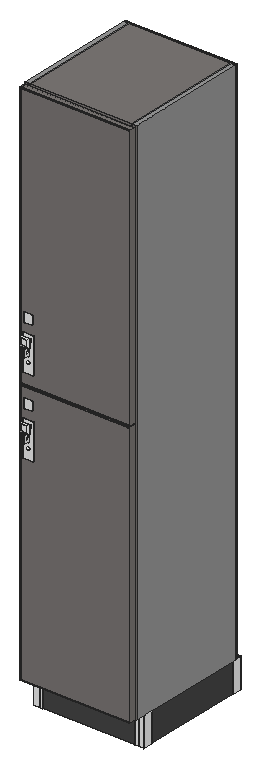
Revit family "Wood_Lockers_Hasps-Salsbury_Industries-15_42000_Series-1_Wide_Units.rfa", category Specialty Equipment, Revit 2016 (continued)
Definition of nested family "Premier Locker Doors_Hasp"
  Dimensions and locks (in)
    aligned and locked: Extrusion 15 to plane 7 "Front of Door"
    aligned and locked: Extrusion 15 to plane 22 "Front of Hasp Stud"
    aligned and locked: Extrusion 15 to plane 50 "Stud Alignment"
    aligned and locked: Blend 17 to plane 39 "Front of Knob"
    aligned and locked: plane 38 "Inner Knob" to Blend 17
    aligned and locked: plane 6 "Back of Door" to Extrusion 18 sketch curve
    aligned and locked: plane 56 "Front of Latch" to Extrusion 18 sketch curve
    aligned and locked: Extrusion 18 to plane 57
    aligned and locked: plane 58 to Extrusion 18
    aligned and locked: plane 59 to cut or joined group of Extrusion 18, Extrusion 19
    aligned and locked: Extrusion 13 sketch curve to plane 61  (x2)
    aligned and locked: Extrusion 13 sketch curve to plane 62  (x2)
  Automatic sketch dimensions
    Extrusion 1 sketch curve to plane 4 "Left Side of Door" = 0.031"
    plane 5 "Right Side of Door" to Extrusion 1 sketch curve = 0.031"
    level to Extrusion 1 sketch curve = 0.031"
    plane 9 "Top of Door" to Extrusion 1 sketch curve = 0.031"
    Extrusion 2 sketch curve to plane 4 "Left Side of Door" = 0.031"
    plane 5 "Right Side of Door" to Extrusion 2 sketch curve = 0.031"
    level to Extrusion 2 sketch curve = 0.031"
    plane 9 "Top of Door" to Extrusion 2 sketch curve = 0.031"
    Extrusion 3 sketch curve to plane 4 "Left Side of Door" = 0.031"
    plane 5 "Right Side of Door" to Extrusion 3 sketch curve = 0.031"
    level to Extrusion 3 sketch curve = 0.031"
    plane 9 "Top of Door" to Extrusion 3 sketch curve = 0.031"
    plane 23 "Left Side of Door-Right Side of Trim" to Sweep 4 sketch curve = 0.000"
    plane 24 "Right Side of Door-Left Side of Trim" to Sweep 4 sketch curve = 0.000"  (x2)
    Sweep 4 sketch curve to plane 26 "Bottom of Door-Top of Trim" = 0.000"
    Sweep 4 sketch curve to plane 25 "Top of Door-Bottom of Trim" = 0.000"
    profile plane to Sweep 4 sketch curve = 0.125"
    Sweep 4 sketch curve to Sweep 4 sketch curve = 0.031"
    Sweep 4 sketch curve to plane 1 "Center (Front/Back)" = 0.375"
    plane 1 "Center (Front/Back)" to Sweep 4 sketch curve = 0.375"
    Extrusion 7 sketch curve to plane 33 = 0.000"
    Extrusion 7 sketch curve to plane 34 = 0.000"
    plane 36 to Extrusion 8 sketch curve = 0.000"
    Extrusion 8 sketch curve to Extrusion 8 sketch curve = 0.500"
    plane 35 "Top Hinge" to Extrusion 8 sketch curve = 0.250"
    Extrusion 8 sketch curve to plane 35 "Top Hinge" = 0.250"
    plane 36 to Extrusion 9 sketch curve = 0.000"
    Extrusion 9 sketch curve to Extrusion 9 sketch curve = 0.500"
    plane 37 "Bottom Hinge" to Extrusion 9 sketch curve = 0.250"
    Extrusion 9 sketch curve to plane 37 "Bottom Hinge" = 0.250"
    plane 36 to Extrusion 10 sketch curve = 0.000"
    Extrusion 10 sketch curve to Extrusion 10 sketch curve = 0.500"
    curve 4 to level = 0.000"
    plane 4 "Left Side of Door" to curve 4 = 0.000"
    plane 5 "Right Side of Door" to curve 3 = 0.000"
    curve 3 to plane 9 "Top of Door" = 0.000"
    Extrusion 5 sketch curve to plane 13 "Left Side of Number Tag" = 0.000"
    Extrusion 5 sketch curve to plane 12 "Bottom of Number Tag" = 0.000"
    Extrusion 5 sketch curve to plane 11 "Top of Number Tag" = 0.000"
    Extrusion 5 sketch curve to plane 14 "Right Side of Number Tag" = 0.000"
    Extrusion 6 sketch curve to plane 13 "Left Side of Number Tag" = 0.000"
    Extrusion 6 sketch curve to plane 12 "Bottom of Number Tag" = 0.000"
    Extrusion 6 sketch curve to plane 11 "Top of Number Tag" = 0.000"
    Extrusion 6 sketch curve to plane 14 "Right Side of Number Tag" = 0.000"
    Extrusion 11 sketch curve to plane 13 "Left Side of Number Tag" = 0.125"
    Extrusion 10 sketch curve to plane 10 "Center of Door" = 0.250"
    plane 10 "Center of Door" to Extrusion 10 sketch curve = 0.250"
    Extrusion 11 sketch curve to plane 21 "Bottom of Lock" = 0.125"
    plane 13 "Left Side of Number Tag" to Extrusion 5 sketch curve = 0.14916"
    Extrusion 5 sketch curve to Extrusion 5 sketch curve = 0.14916"  (x2)
    plane 13 "Left Side of Number Tag" to Extrusion 6 sketch curve = 0.14916"
    Extrusion 6 sketch curve to plane 12 "Bottom of Number Tag" = 0.14916"
    plane 13 "Left Side of Number Tag" to Extrusion 11 sketch curve = 0.000"  (x2)
    Extrusion 5 sketch curve to plane 12 "Bottom of Number Tag" = 0.14916"
    Extrusion 6 sketch curve to plane 14 "Right Side of Number Tag" = 0.14916"  (x2)
    plane 14 "Right Side of Number Tag" to Extrusion 11 sketch curve = 0.000"  (x2)
    Extrusion 12 sketch curve to plane 17 "Left Side of Lock" = 0.000"
    plane 13 "Left Side of Number Tag" to Extrusion 12 sketch curve = 0.000"  (x2)
    plane 14 "Right Side of Number Tag" to Extrusion 12 sketch curve = 0.000"  (x2)
    Extrusion 12 sketch curve to plane 20 "Top of Lock" = 0.000"
    Extrusion 12 sketch curve to plane 18 "Right Side of Lock" = 0.000"
    Extrusion 12 sketch curve to plane 21 "Bottom of Lock" = 0.125"
    plane 15 "Horizontal Center of Number Tag" to Sweep 14 sketch curve = 0.000"
    Sweep 14 sketch curve to plane 50 "Stud Alignment" = 0.000"
    Sweep 14 sketch curve to plane 7 "Front of Door" = 0.000"
    Sweep 14 sketch curve to profile plane = 0.000"
    profile plane to Sweep 14 sketch curve = 0.00168"
    profile plane to Sweep 14 sketch curve = 0.156"
    Sweep 14 sketch curve to plane 7 "Front of Door" = 0.03275"
    Extrusion 15 sketch curve to Extrusion 15 sketch curve = 0.000"  (x2)
    Extrusion 15 sketch curve to plane 50 "Stud Alignment" = 0.000"
    plane 15 "Horizontal Center of Number Tag" to Extrusion 15 sketch curve = 0.000"
    plane 15 "Horizontal Center of Number Tag" to Extrusion 15 sketch curve = 0.010"
    plane 13 "Left Side of Number Tag" to Sweep 16 sketch curve = 0.000"
    plane 14 "Right Side of Number Tag" to Sweep 16 sketch curve = 0.000"
    Sweep 16 sketch curve to plane 45 = 0.000"
    Sweep 16 sketch curve to plane 42 = 0.000"
    Sweep 16 sketch curve to plane 7 "Front of Door" = 0.000"
    profile plane to Sweep 16 sketch curve = 0.000"
    profile plane to Sweep 16 sketch curve = 0.22043"
    Sweep 16 sketch curve to Sweep 16 sketch curve = 0.01681"
    profile plane to Sweep 16 sketch curve = 0.33926"
    Sweep 16 sketch curve to Sweep 16 sketch curve = 0.14344"
    Sweep 16 sketch curve to Sweep 16 sketch curve = 0.15329"
    Sweep 16 sketch curve to Sweep 16 sketch curve = 0.59563"
    Sweep 16 sketch curve to Sweep 16 sketch curve = 0.24142"
    Sweep 16 sketch curve to Sweep 16 sketch curve = 0.00858"
    Sweep 16 sketch curve to Sweep 16 sketch curve = 0.51788"
    Sweep 16 sketch curve to Sweep 16 sketch curve = 0.31119"
    Sweep 16 sketch curve to Sweep 16 sketch curve = 0.11721"
    Sweep 16 sketch curve to Sweep 16 sketch curve = 0.01742"
    Sweep 16 sketch curve to Sweep 16 sketch curve = 0.06553"
    Sweep 16 sketch curve to Sweep 16 sketch curve = 0.000"
    Blend 17 sketch curve to plane 54 = 0.000"
    Blend 17 sketch curve to plane 55 = 0.000"
    Blend 17 sketch curve to plane 47 = 0.21496"
    plane 48 to Blend 17 sketch curve = 0.21496"
    plane 54 to Blend 17 sketch curve = 0.03267"
    Blend 17 sketch curve to plane 40 = 0.00461"
    Blend 17 sketch curve to plane 47 = 0.18235"
    plane 48 to Blend 17 sketch curve = 0.18227"
    Extrusion 18 sketch curve to plane 57 = 0.000"
    Extrusion 18 sketch curve to plane 58 = 0.000"
    plane 59 to Extrusion 19 sketch curve = 0.000"
    Extrusion 19 sketch curve to plane 22 "Front of Hasp Stud" = 0.16637"
    curve 29 to plane 14 "Right Side of Number Tag" = 0.000"
    curve 29 to plane 20 "Top of Lock" = 0.000"
    curve 30 to plane 18 "Right Side of Lock" = 0.000"
    curve 29 to plane 13 "Left Side of Number Tag" = 0.000"
    curve 31 to plane 42 = 0.000"
    curve 32 to plane 21 "Bottom of Lock" = 0.125"
    curve 34 to plane 14 "Right Side of Number Tag" = 0.000"
    curve 35 to plane 13 "Left Side of Number Tag" = 0.000"
    plane 15 "Horizontal Center of Number Tag" to curve 37 = 0.000"
    plane 47 to curve 37 = 0.000"
    plane 57 to curve 37 = 0.0599"
    curve 39 to plane 58 = 0.0661"
    curve 42 to plane 14 "Right Side of Number Tag" = 0.000"
    curve 41 to plane 13 "Left Side of Number Tag" = 0.000"
    curve 41 to plane 45 = 0.000"
    curve 43 to plane 42 = 0.000"
    curve 46 to plane 57 = 0.000"
    curve 46 to plane 15 "Horizontal Center of Number Tag" = 0.063"
    plane 15 "Horizontal Center of Number Tag" to curve 45 = 0.063"
    curve 47 to plane 58 = 0.000"
    curve 15 to plane 6 "Back of Door" = 0.000"
    plane 9 "Top of Door" to curve 15 = 0.000"
    plane 57 to curve 49 = 0.000"
    curve 51 to plane 56 "Front of Latch" = 0.000"
    plane 58 to curve 51 = 0.000"
    curve 17 to level = 0.000"
    plane 59 to curve 52 = 0.000"
    curve 53 to plane 22 "Front of Hasp Stud" = 0.16637"
    plane 7 "Front of Door" to curve 53 = 0.04137"
    plane 53 to curve 54 = 0.05633"
    curve 54 to plane 22 "Front of Hasp Stud" = 0.11642"
    plane 55 to curve 55 = 0.00161"
    curve 55 to plane 40 = 0.00465"
    plane 45 to curve 56 = 0.000"
    curve 56 to plane 39 "Front of Knob" = 0.01788"
    curve 56 to plane 40 = 0.08926"
    plane 55 to curve 57 = 0.000"
    curve 57 to plane 40 = 0.03757"
    plane 39 "Front of Knob" to curve 57 = 0.004"
    plane 42 to curve 60 = 0.000"
    curve 58 to plane 39 "Front of Knob" = 0.000"
    plane 54 to curve 58 = 0.000"
    plane 54 to curve 59 = 0.000"
    plane 55 to curve 58 = 0.000"
    curve 60 to plane 39 "Front of Knob" = 0.01788"
    curve 60 to plane 52 = 0.09774"
    plane 54 to curve 60 = 0.03261"
    plane 56 "Front of Latch" to curve 59 = 0.02711"
    plane 54 to curve 59 = 0.06553"
    plane 39 "Front of Knob" to curve 59 = 0.004"
    curve 61 to plane 54 = 0.00161"
    curve 61 to plane 22 "Front of Hasp Stud" = 0.11642"
    plane 6 "Back of Door" to curve 9 = 0.000"
    curve 6 to plane 4 "Left Side of Door" = 0.000"
    plane 7 "Front of Door" to curve 6 = 0.000"
    plane 7 "Front of Door" to curve 28 = 0.000"
    curve 67 to plane 14 "Right Side of Number Tag" = 0.000"
    curve 65 to plane 13 "Left Side of Number Tag" = 0.000"
    curve 66 to plane 39 "Front of Knob" = 0.000"
    curve 28 to plane 17 "Left Side of Lock" = 0.000"
    curve 28 to plane 18 "Right Side of Lock" = 0.000"
    curve 8 to plane 5 "Right Side of Door" = 0.000"
    curve 64 to plane 22 "Front of Hasp Stud" = 0.11642"
    curve 69 to plane 22 "Front of Hasp Stud" = 0.11642"
    curve 68 to plane 39 "Front of Knob" = 0.01788"
    curve 65 to plane 39 "Front of Knob" = 0.01788"
    curve 14 to plane 23 "Left Side of Door-Right Side of Trim" = 0.07537"
    plane 48 to curve 64 = 0.21657"
    plane 48 to curve 65 = 0.09774"
    plane 48 to curve 63 = 0.05633"
    curve 70 to plane 47 = 0.05633"
    curve 68 to plane 47 = 0.09774"
    curve 69 to curve 69 = 0.16024"
    curve 64 to curve 65 = 0.15655"
    curve 69 to curve 68 = 0.15655"
    plane 39 "Front of Knob" to curve 67 = 0.004"
    plane 33 to curve 14 = 0.250"
    curve 66 to curve 65 = 0.11721"
    curve 67 to plane 47 = 0.14943"
    curve 68 to curve 66 = 0.11721"
    curve 67 to curve 66 = 0.000"
    plane 39 "Front of Knob" to curve 71 = 0.004"
    curve 71 to curve 66 = 0.000"
    plane 48 to curve 71 = 0.14943"
    plane 1 "Center (Front/Back)" to curve 73 = 0.000"
    curve 73 to plane 4 "Left Side of Door" = 0.000"
    curve 73 to plane 60 = 0.000"
    plane 48 to Extrusion 13 sketch curve = 0.000"
    plane 15 "Horizontal Center of Number Tag" to Extrusion 13 sketch curve = 0.000"
    radius of Extrusion 7 sketch curve = 0.250"
    radius of Sweep 14 sketch curve = 0.010"
    radius of Extrusion 19 sketch curve = 0.250"
Definition of nested family "Wood Locker Bases"
  Parameters (values of type "Base - 12" W x 15" D Lockers")
    Width = 12.000"
    Visible Base = yes
    Visible = no
    Model = "Base - 12\" W x 15\" D Lockers"
    Manufacturer = "Salsbury Industries"
    Height = 4.000"
    Depth = 13.250"
    Base Secondary Material = none
    Base Primary Materials = none
    Base Hardware = none
  Types (14): name | Width | Visible Base | Visible | Model | Depth
    (no name) | 12.000" | yes | no | "Base - 12\" W x 15\" D Lockers" | 13.250"
    Base - 12" W x 15" D Lockers | 12.000" | yes | no | "Base - 12\" W x 15\" D Lockers" | 13.250"
    Base - 12" W x 18" D Lockers | 12.000" | yes | no | "Base - 12\" W x 18\" D Lockers" | 16.250"
    Base - 12" W x 21" D Lockers | 12.000" | yes | no | "Base - 12\" W x 21\" D Lockers" | 19.250"
    Base - 36" W x 15" D Lockers | 36.000" | yes | yes | "Base - 36\" W x 15\" D Lockers" | 13.250"
    Base - 36" W x 18" D Lockers | 36.000" | yes | yes | "Base - 36\" W x 18\" D Lockers" | 16.250"
    Base - 36" W x 21" D Lockers | 36.000" | yes | yes | "Base - 36\" W x 21\" D Lockers" | 19.250"
    Base - 15" W x 18" D Lockers | 15.000" | yes | no | "Base - 15\" W x 18\" D Lockers" | 16.250"
    Base - 15" W x 21" D Lockers | 15.000" | yes | no | "Base - 15\" W x 21\" D Lockers" | 19.250"
    Base - 15" W x 24" D Lockers | 15.000" | yes | no | "Base - 15\" W x 24\" D Lockers" | 22.250"
    Base - 45" W x 18" D Lockers | 45.000" | yes | yes | "Base - 45\" W x 18\" D Lockers" | 16.250"
    Base - 45" W x 21" D Lockers | 45.000" | yes | yes | "Base - 45\" W x 21\" D Lockers" | 19.250"
    Base - 45" W x 24" D Lockers | 45.000" | yes | yes | "Base - 45\" W x 24\" D Lockers" | 22.250"
    None | 12.000" | no | no | "Base - 12\" W x 15\" D Lockers" | 13.250"
  Reference planes (in)
    plane 1 "Center (Front/Back)": y = 0
    plane 2: z = 0
    plane 3 "Center (Left/Right)": x = 0
    plane 4 "Left Edge": x = -6
    plane 5 "Right Edge": x = 6
    plane 6 "Back Edge": y = 6.625
    plane 7 "Front Edge": y = -6.625
    plane 8 "Bottom Edge": z = 0
    plane 9 "Top Edge": z = 4
    plane 10: x = -4.75
    plane 11: x = -4.102
    plane 12: y = 6.562
    plane 13: y = 5.8
    plane 14: x = -5.131
    plane 15: x = -5.256
    plane 16: x = -5.937
    plane 17: x = -5.175
    plane 18: y = 4.727
    plane 19: y = 5.375
    plane 20: y = 5.756
    plane 21: y = 5.881
    plane 22: x = -5.931
    plane 23: x = 5.931
    plane 24: y = 6.556
    plane 25: y = -6.556
    plane 26: y = 6.525
    plane 27: y = -6.525
    plane 28: x = -5.9
    plane 29: x = 5.9
    plane 30: x = -2.375
    plane 31: x = 2.375
  Forms (in)
    Extrusion 1, solid, material <- "Base Hardware", visible <- "Visible Base"
      sketch origin (0, 0, 0) x (1, 0, 0) y (0, 1, 0)
        loop
          arc (-5.96712, 6.625) -> (-5.99098, 6.61598) -> (-6, 6.59212) r 0.031
          line (-6, 6.59212) -> (-6, 5.4065)
          arc (-6, 5.4065) -> (-5.9685, 5.375) -> (-5.937, 5.4065) r 0.0315
          line (-5.937, 5.4065) -> (-5.937, 5.756) -> (-5.837, 5.756) -> (-5.837, 5.819) -> (-5.937, 5.819) -> (-5.937, 6.51465) -> (-5.256, 5.83365) -> (-5.256, 5.756) -> (-5.175, 5.756) -> (-5.175, 4.75833)
          arc (-5.175, 4.75833) -> (-5.14367, 4.727) -> (-5.11235, 4.75833) r 0.03133
          line (-5.11235, 4.75833) -> (-5.11235, 5.73703) -> (-4.13348, 5.73703)
          arc (-4.13348, 5.73703) -> (-4.102, 5.76852) -> (-4.13348, 5.8) r 0.03148
          line (-4.13348, 5.8) -> (-5.131, 5.8) -> (-5.131, 5.881) -> (-5.21422, 5.881) -> (-5.89522, 6.562) -> (-5.194, 6.562) -> (-5.194, 6.462) -> (-5.131, 6.462) -> (-5.131, 6.562) -> (-4.7814, 6.562)
          arc (-4.7814, 6.562) -> (-4.7499, 6.5935) -> (-4.7814, 6.625) r 0.0315
          line (-4.7814, 6.625) -> (-5.96712, 6.625)
      from 0 to 4
    Extrusion 2, solid, material <- "Base Hardware", visible <- "Visible Base"
      sketch origin (0, 0, 0) x (-1, 0, 0) y (0, -1, 0)
        loop
          line (-5.96712, -6.625) -> (-4.7814, -6.625)
          arc (-4.7814, -6.625) -> (-4.7499, -6.5935) -> (-4.7814, -6.562) r 0.0315
          line (-4.7814, -6.562) -> (-5.131, -6.562) -> (-5.131, -6.462) -> (-5.194, -6.462) -> (-5.194, -6.562) -> (-5.89522, -6.562) -> (-5.21422, -5.881) -> (-5.131, -5.881) -> (-5.131, -5.8) -> (-4.13348, -5.8)
          arc (-4.13348, -5.8) -> (-4.102, -5.76852) -> (-4.13348, -5.73703) r 0.03148
          line (-4.13348, -5.73703) -> (-5.11235, -5.73703) -> (-5.11235, -4.75833)
          arc (-5.11235, -4.75833) -> (-5.14367, -4.727) -> (-5.175, -4.75833) r 0.03133
          line (-5.175, -4.75833) -> (-5.175, -5.756) -> (-5.256, -5.756) -> (-5.256, -5.83365) -> (-5.937, -6.51465) -> (-5.937, -5.819) -> (-5.837, -5.819) -> (-5.837, -5.756) -> (-5.937, -5.756) -> (-5.937, -5.4065)
          arc (-5.937, -5.4065) -> (-5.9685, -5.375) -> (-6, -5.4065) r 0.0315
          line (-6, -5.4065) -> (-6, -6.59212)
          arc (-6, -6.59212) -> (-5.99098, -6.61598) -> (-5.96712, -6.625) r 0.031
      from 0 to 4
    Extrusion 3, solid, material <- "Base Hardware", visible <- "Visible Base"
      sketch origin (0, 0, 0) x (1, 0, 0) y (0, 1, 0)
        loop
          line (-5.96712, -6.625) -> (-4.7814, -6.625)
          arc (-4.7814, -6.625) -> (-4.7499, -6.5935) -> (-4.7814, -6.562) r 0.0315
          line (-4.7814, -6.562) -> (-5.131, -6.562) -> (-5.131, -6.462) -> (-5.194, -6.462) -> (-5.194, -6.562) -> (-5.89522, -6.562) -> (-5.21422, -5.881) -> (-5.131, -5.881) -> (-5.131, -5.8) -> (-4.13348, -5.8)
          arc (-4.13348, -5.8) -> (-4.102, -5.76852) -> (-4.13348, -5.73703) r 0.03148
          line (-4.13348, -5.73703) -> (-5.11235, -5.73703) -> (-5.11235, -4.75833)
          arc (-5.11235, -4.75833) -> (-5.14367, -4.727) -> (-5.175, -4.75833) r 0.03133
          line (-5.175, -4.75833) -> (-5.175, -5.756) -> (-5.256, -5.756) -> (-5.256, -5.83365) -> (-5.937, -6.51465) -> (-5.937, -5.819) -> (-5.837, -5.819) -> (-5.837, -5.756) -> (-5.937, -5.756) -> (-5.937, -5.4065)
          arc (-5.937, -5.4065) -> (-5.9685, -5.375) -> (-6, -5.4065) r 0.0315
          line (-6, -5.4065) -> (-6, -6.59212)
          arc (-6, -6.59212) -> (-5.99098, -6.61598) -> (-5.96712, -6.625) r 0.031
      from 0 to 4
    Extrusion 4, solid, material <- "Base Hardware", visible <- "Visible Base"
      sketch origin (0, 0, 0) x (-1, 0, 0) y (0, -1, 0)
        loop
          arc (-5.96712, 6.625) -> (-5.99098, 6.61598) -> (-6, 6.59212) r 0.031
          line (-6, 6.59212) -> (-6, 5.4065)
          arc (-6, 5.4065) -> (-5.9685, 5.375) -> (-5.937, 5.4065) r 0.0315
          line (-5.937, 5.4065) -> (-5.937, 5.756) -> (-5.837, 5.756) -> (-5.837, 5.819) -> (-5.937, 5.819) -> (-5.937, 6.51465) -> (-5.256, 5.83365) -> (-5.256, 5.756) -> (-5.175, 5.756) -> (-5.175, 4.75833)
          arc (-5.175, 4.75833) -> (-5.14367, 4.727) -> (-5.11235, 4.75833) r 0.03133
          line (-5.11235, 4.75833) -> (-5.11235, 5.73703) -> (-4.13348, 5.73703)
          arc (-4.13348, 5.73703) -> (-4.102, 5.76852) -> (-4.13348, 5.8) r 0.03148
          line (-4.13348, 5.8) -> (-5.131, 5.8) -> (-5.131, 5.881) -> (-5.21422, 5.881) -> (-5.89522, 6.562) -> (-5.194, 6.562) -> (-5.194, 6.462) -> (-5.131, 6.462) -> (-5.131, 6.562) -> (-4.7814, 6.562)
          arc (-4.7814, 6.562) -> (-4.7499, 6.5935) -> (-4.7814, 6.625) r 0.0315
          line (-4.7814, 6.625) -> (-5.96712, 6.625)
      from 0 to 4
    Extrusion 5, solid, material <- "Base Secondary Material", visible <- "Visible Base"
      sketch origin (0, 0, 0) x (0, -1, 0) y (1, 0, 0)
        loop
          line (-5.756, 5.9) -> (-5.756, 5.181) -> (5.75697, 5.181) -> (5.75697, 5.9) -> (-5.756, 5.9)
      from 0 to 4
    Extrusion 6, solid, material <- "Base Secondary Material", visible <- "Visible Base"
      sketch origin (0, 0, 0) x (0, -1, 0) y (1, 0, 0)
        loop
          line (-5.756, -5.9) -> (5.75697, -5.9) -> (5.75697, -5.181) -> (-5.756, -5.181) -> (-5.756, -5.9)
      from 0 to 4
    Extrusion 7, solid, material <- "Base Secondary Material", visible <- "Visible Base"
      sketch origin (-2.05521, 0.625, 0) x (1, 0, 0) y (0, 1, 0)
        loop
          line (-3.07579, 5.9) -> (-3.07579, 5.181) -> (7.18621, 5.181) -> (7.18621, 5.9) -> (-3.07579, 5.9)
      from 0 to 4
    Extrusion 8, solid, material <- "Base Secondary Material", visible <- "Visible Base"
      sketch origin (-2.05521, -0.625, 0) x (1, 0, 0) y (0, 1, 0)
        loop
          line (-3.07579, -5.9) -> (7.18621, -5.9) -> (7.18621, -5.181) -> (-3.07579, -5.181) -> (-3.07579, -5.9)
      from 0 to 4
    Extrusion 9, solid, material <- "Base Primary Materials", visible <- "Visible Base"
      sketch origin (0.76452, 0, 0) x (0, -1, 0) y (1, 0, 0)
        loop
          line (-5.756, 5.16648) -> (-5.756, 5.13548) -> (5.75697, 5.13548) -> (5.75697, 5.16648) -> (-5.756, 5.16648)
      from 0 to 4
    Extrusion 10, solid, material <- "Base Primary Materials", visible <- "Visible Base"
      sketch origin (-0.719, 0, 0) x (0, -1, 0) y (1, 0, 0)
        loop
          line (-5.756, -5.212) -> (5.75697, -5.212) -> (5.75697, -5.181) -> (-5.756, -5.181) -> (-5.756, -5.212)
      from 0 to 4
    Extrusion 11, solid, material <- "Base Primary Materials", visible <- "Visible Base"
      sketch origin (-2.05521, 1.344, 0) x (1, 0, 0) y (0, 1, 0)
        loop
          line (-3.07579, 5.218) -> (-3.07579, 5.181) -> (7.18621, 5.181) -> (7.18621, 5.218) -> (-3.07579, 5.218)
      from 0 to 4
    Extrusion 12, solid, material <- "Base Primary Materials", visible <- "Visible Base"
      sketch origin (-2.05521, -1.344, 0) x (1, 0, 0) y (0, 1, 0)
        loop
          line (-3.07579, -5.212) -> (7.18621, -5.212) -> (7.18621, -5.181) -> (-3.07579, -5.181) -> (-3.07579, -5.212)
      from 0 to 4
    Extrusion 13, solid, material <- "Base Secondary Material", visible <- "Visible"
      sketch origin (0, 0, 4) x (0, -1, 0) y (1, 0, 0)
        loop
          line (-5.806, -2.375) -> (5.806, -2.375) -> (5.806, 2.375) -> (-5.806, 2.375) -> (-5.806, -2.375)
      from 0 to -0.75
    Extrusion 14, solid, material <- "Base Secondary Material", visible <- "Visible"
      sketch origin (0, 0, 0) x (0, -1, 0) y (1, 0, 0)
        loop
          line (-5.806, -2.375) -> (-5.056, -2.375) -> (-5.056, 2.375) -> (-5.806, 2.375) -> (-5.806, -2.375)
      from 0 to 3.25
    Extrusion 15, solid, material <- "Base Secondary Material", visible <- "Visible"
      sketch origin (0, 0, 0) x (0, 1, 0) y (-1, 0, 0)
        loop
          line (-5.806, 2.375) -> (-5.806, -2.375) -> (-5.056, -2.375) -> (-5.056, 2.375) -> (-5.806, 2.375)
      from 0 to 3.25
  Dimensions and locks (in)
    equal spacing: plane 4 "Left Edge", plane 3 "Center (Left/Right)", plane 5 "Right Edge"
    "Width": plane 4 "Left Edge" to plane 5 "Right Edge"
    equal spacing: plane 7 "Front Edge", plane 1 "Center (Front/Back)", plane 6 "Back Edge"
    "Depth": plane 7 "Front Edge" to plane 6 "Back Edge"
    "Height": plane 9 "Top Edge" to plane 8 "Bottom Edge"
    locked: plane 4 "Left Edge" to plane 10 at 1.25
    locked: plane 4 "Left Edge" to plane 11 at 1.898
    locked: plane 12 to plane 6 "Back Edge" at 0.063
    plane 14 to plane 10 = 0.381"
    locked: plane 12 to plane 13 at 0.762
    locked: plane 4 "Left Edge" to plane 16 at 0.063
    locked: plane 16 to plane 17 at 0.762
    locked: plane 19 to plane 6 "Back Edge" at 1.25
    locked: plane 18 to plane 6 "Back Edge" at 1.898
    plane 15 to plane 17 = 0.081"
    plane 21 to plane 13 = 0.081"
    plane 19 to plane 20 = 0.381"
    plane 24 to plane 6 "Back Edge" = 0.069"
    plane 7 "Front Edge" to plane 25 = 0.069"
    plane 23 to plane 5 "Right Edge" = 0.069"
    plane 4 "Left Edge" to plane 22 = 0.069"
    plane 26 to plane 24 = 0.031"
    plane 25 to plane 27 = 0.031"
    plane 22 to plane 28 = 0.031"
    plane 29 to plane 23 = 0.031"
    plane 30 to plane 3 "Center (Left/Right)" to plane 31 = 2.375" locked, 2.375" locked
    aligned and locked: level to plane 2
    aligned and locked: plane 30 to Extrusion 13
    aligned and locked: plane 30 to Extrusion 14
    aligned and locked: plane 30 to Extrusion 15
    aligned and locked: Extrusion 13 to plane 31
    aligned and locked: Extrusion 14 to plane 31
    aligned and locked: Extrusion 15 to plane 31
  Automatic sketch dimensions
    Extrusion 1 sketch curve to plane 4 "Left Edge" = 0.000"
    plane 6 "Back Edge" to Extrusion 1 sketch curve = 0.000"
    Extrusion 1 sketch curve to plane 16 = 0.000"  (x2)
    Extrusion 1 sketch curve to plane 12 = 0.000"  (x2)
    plane 20 to Extrusion 1 sketch curve = 0.000"  (x2)
    Extrusion 1 sketch curve to plane 15 = 0.000"
    plane 21 to Extrusion 1 sketch curve = 0.000"
    Extrusion 1 sketch curve to plane 17 = 0.000"
    Extrusion 1 sketch curve to plane 14 = 0.000"  (x2)
    Extrusion 1 sketch curve to plane 13 = 0.000"
    Extrusion 1 sketch curve to plane 4 "Left Edge" = 0.03094"
    plane 16 to Extrusion 1 sketch curve = 0.03012"
    Extrusion 1 sketch curve to plane 28 = 0.00478"
    Extrusion 1 sketch curve to plane 28 = 0.063"
    plane 17 to Extrusion 1 sketch curve = 0.03922"
    plane 17 to Extrusion 1 sketch curve = 0.019"
    plane 14 to Extrusion 1 sketch curve = 0.01267"
    plane 10 to Extrusion 1 sketch curve = 0.0314"
    plane 11 to Extrusion 1 sketch curve = 0.03148"
    plane 20 to Extrusion 1 sketch curve = 0.01897"
    Extrusion 1 sketch curve to plane 19 = 0.0315"
    Extrusion 1 sketch curve to plane 18 = 0.03133"
    plane 13 to Extrusion 1 sketch curve = 0.019"
    plane 13 to Extrusion 1 sketch curve = 0.03365"
    plane 26 to Extrusion 1 sketch curve = 0.063"
    plane 26 to Extrusion 1 sketch curve = 0.01035"
    plane 12 to Extrusion 1 sketch curve = 0.03012"
    Extrusion 2 sketch curve to plane 5 "Right Edge" = 0.000"
    plane 6 "Back Edge" to Extrusion 2 sketch curve = 0.000"
    plane 20 to Extrusion 2 sketch curve = 0.000"  (x2)
    plane 12 to Extrusion 2 sketch curve = 0.000"  (x2)
    plane 21 to Extrusion 2 sketch curve = 0.000"
    plane 13 to Extrusion 2 sketch curve = 0.000"
    Extrusion 2 sketch curve to plane 5 "Right Edge" = 0.03094"
    Extrusion 2 sketch curve to Extrusion 2 sketch curve = 0.0315"
    Extrusion 2 sketch curve to Extrusion 2 sketch curve = 0.00194"
    plane 23 to Extrusion 2 sketch curve = 0.006"
    Extrusion 2 sketch curve to plane 29 = 0.00478"
    Extrusion 2 sketch curve to plane 29 = 0.063"
    Extrusion 2 sketch curve to plane 13 = 0.03365"
    Extrusion 2 sketch curve to Extrusion 2 sketch curve = 0.581"
    Extrusion 2 sketch curve to Extrusion 2 sketch curve = 0.04178"
    Extrusion 2 sketch curve to plane 26 = 0.063"
    Extrusion 2 sketch curve to Extrusion 2 sketch curve = 0.02022"
    plane 18 to Extrusion 2 sketch curve = 0.03133"
    Extrusion 2 sketch curve to plane 29 = 0.725"
    Extrusion 2 sketch curve to Extrusion 2 sketch curve = 0.03133"
    Extrusion 2 sketch curve to Extrusion 2 sketch curve = 0.063"
    Extrusion 2 sketch curve to Extrusion 2 sketch curve = 0.08322"
    Extrusion 2 sketch curve to Extrusion 2 sketch curve = 0.3496"
    Extrusion 2 sketch curve to Extrusion 2 sketch curve = 0.97886"
    plane 19 to Extrusion 2 sketch curve = 0.0315"
    Extrusion 2 sketch curve to plane 20 = 0.01897"
    Extrusion 2 sketch curve to plane 13 = 0.019"
    Extrusion 2 sketch curve to plane 26 = 0.01035"
    Extrusion 2 sketch curve to plane 12 = 0.03012"
    Extrusion 3 sketch curve to plane 4 "Left Edge" = 0.000"
    plane 7 "Front Edge" to Extrusion 3 sketch curve = 0.000"
    Extrusion 3 sketch curve to plane 16 = 0.000"  (x2)
    Extrusion 3 sketch curve to plane 15 = 0.000"
    Extrusion 3 sketch curve to plane 17 = 0.000"
    Extrusion 3 sketch curve to plane 14 = 0.000"  (x2)
    plane 4 "Left Edge" to Extrusion 3 sketch curve = 0.03094"
    Extrusion 3 sketch curve to plane 16 = 0.03012"
    plane 28 to Extrusion 3 sketch curve = 0.00478"
    plane 28 to Extrusion 3 sketch curve = 0.063"
    Extrusion 3 sketch curve to plane 17 = 0.03922"
    Extrusion 3 sketch curve to plane 17 = 0.019"
    Extrusion 3 sketch curve to plane 14 = 0.01267"
    Extrusion 3 sketch curve to plane 25 = 0.006"  (x2)
    Extrusion 3 sketch curve to plane 10 = 0.0314"
    Extrusion 3 sketch curve to plane 11 = 0.03148"
    plane 27 to Extrusion 3 sketch curve = 0.01035"
    plane 27 to Extrusion 3 sketch curve = 0.063"
    Extrusion 3 sketch curve to Extrusion 3 sketch curve = 0.581"
    Extrusion 3 sketch curve to Extrusion 3 sketch curve = 0.04735"
    Extrusion 3 sketch curve to Extrusion 3 sketch curve = 0.01465"
    Extrusion 3 sketch curve to Extrusion 3 sketch curve = 0.081"
    Extrusion 3 sketch curve to Extrusion 3 sketch curve = 0.03148"
    Extrusion 3 sketch curve to Extrusion 3 sketch curve = 0.044"
    Extrusion 3 sketch curve to Extrusion 3 sketch curve = 0.063"
    Extrusion 3 sketch curve to Extrusion 3 sketch curve = 0.3495"
    Extrusion 3 sketch curve to Extrusion 3 sketch curve = 0.97871"
    plane 7 "Front Edge" to Extrusion 3 sketch curve = 0.03288"
    Extrusion 4 sketch curve to plane 5 "Right Edge" = 0.000"
    plane 7 "Front Edge" to Extrusion 4 sketch curve = 0.000"
    plane 5 "Right Edge" to Extrusion 4 sketch curve = 0.03094"
    Extrusion 4 sketch curve to Extrusion 4 sketch curve = 0.0315"
    Extrusion 4 sketch curve to Extrusion 4 sketch curve = 0.00194"
    Extrusion 4 sketch curve to plane 23 = 0.006"
    plane 29 to Extrusion 4 sketch curve = 0.00478"
    plane 29 to Extrusion 4 sketch curve = 0.063"
    Extrusion 4 sketch curve to Extrusion 4 sketch curve = 0.581"
    Extrusion 4 sketch curve to Extrusion 4 sketch curve = 0.04178"
    Extrusion 4 sketch curve to plane 27 = 0.063"
    Extrusion 4 sketch curve to Extrusion 4 sketch curve = 0.02022"
    plane 29 to Extrusion 4 sketch curve = 0.725"
    Extrusion 4 sketch curve to Extrusion 4 sketch curve = 0.03133"
    Extrusion 4 sketch curve to Extrusion 4 sketch curve = 0.063"  (x2)
    Extrusion 4 sketch curve to Extrusion 4 sketch curve = 0.08322"
    plane 25 to Extrusion 4 sketch curve = 0.006"  (x2)
    Extrusion 4 sketch curve to Extrusion 4 sketch curve = 0.3496"
    Extrusion 4 sketch curve to plane 27 = 0.725"
    Extrusion 4 sketch curve to Extrusion 4 sketch curve = 0.97886"
    Extrusion 4 sketch curve to Extrusion 4 sketch curve = 0.03148"
    Extrusion 4 sketch curve to Extrusion 4 sketch curve = 0.044"
    Extrusion 4 sketch curve to Extrusion 4 sketch curve = 0.000"
    Extrusion 4 sketch curve to Extrusion 4 sketch curve = 0.3495"
    Extrusion 4 sketch curve to Extrusion 4 sketch curve = 0.97871"
    Extrusion 4 sketch curve to Extrusion 4 sketch curve = 0.07765"
    Extrusion 4 sketch curve to Extrusion 4 sketch curve = 0.081"
    Extrusion 4 sketch curve to plane 27 = 0.01035"
    Extrusion 4 sketch curve to plane 7 "Front Edge" = 0.03288"
    plane 20 to Extrusion 5 sketch curve = 0.000"
    Extrusion 5 sketch curve to plane 29 = 0.000"
    Extrusion 5 sketch curve to plane 27 = 0.76803"
    plane 29 to Extrusion 5 sketch curve = 0.719"
    plane 20 to Extrusion 6 sketch curve = 0.000"
    Extrusion 6 sketch curve to plane 28 = 0.000"
    plane 27 to Extrusion 6 sketch curve = 0.76803"
    Extrusion 6 sketch curve to plane 17 = 0.006"
    Extrusion 7 sketch curve to plane 14 = 0.000"
    plane 26 to Extrusion 7 sketch curve = 0.000"
    plane 29 to Extrusion 7 sketch curve = 0.769"
    plane 13 to Extrusion 7 sketch curve = 0.006"
    Extrusion 8 sketch curve to plane 14 = 0.000"
    plane 27 to Extrusion 8 sketch curve = 0.000"
    Extrusion 8 sketch curve to plane 29 = 0.769"
    plane 27 to Extrusion 8 sketch curve = 0.719"
    plane 20 to Extrusion 9 sketch curve = 0.000"
    Extrusion 9 sketch curve to plane 23 = 0.000"
    Extrusion 9 sketch curve to plane 29 = 0.000"
    Extrusion 9 sketch curve to plane 27 = 0.76803"
    plane 20 to Extrusion 10 sketch curve = 0.000"
    Extrusion 10 sketch curve to plane 22 = 0.000"
    Extrusion 10 sketch curve to plane 28 = 0.000"
    plane 27 to Extrusion 10 sketch curve = 0.76803"
    Extrusion 11 sketch curve to plane 14 = 0.000"
    plane 12 to Extrusion 11 sketch curve = 0.000"
    plane 26 to Extrusion 11 sketch curve = 0.000"
    plane 29 to Extrusion 11 sketch curve = 0.769"
    Extrusion 12 sketch curve to plane 14 = 0.000"
    plane 25 to Extrusion 12 sketch curve = 0.000"
    plane 27 to Extrusion 12 sketch curve = 0.000"
    Extrusion 12 sketch curve to plane 29 = 0.769"
    plane 13 to Extrusion 13 sketch curve = 0.006"
    Extrusion 13 sketch curve to plane 27 = 0.719"
    Extrusion 13 sketch curve to plane 11 = 1.727"
    plane 3 "Center (Left/Right)" to Extrusion 13 sketch curve = 2.375"
    plane 13 to Extrusion 14 sketch curve = 0.006"
    plane 19 to Extrusion 14 sketch curve = 0.319"
    Extrusion 14 sketch curve to plane 11 = 1.727"
    plane 3 "Center (Left/Right)" to Extrusion 14 sketch curve = 2.375"
    plane 27 to Extrusion 15 sketch curve = 0.719"
    Extrusion 15 sketch curve to Extrusion 15 sketch curve = 0.750"
    plane 11 to Extrusion 15 sketch curve = 1.727"
    Extrusion 15 sketch curve to plane 3 "Center (Left/Right)" = 2.375"
Definition of nested family "Wood Locker Sloping Hoods"
  Parameters (values of type "44834- for 24" Deep Lockers (3 Wide)")
    Width = 54.000"
    Visible = yes
    Version = "1.0 (12/15/23)"
    Type Comments = "Sloping Hood for Premier Wood Lockers"
    Model = "834"
    Manufacturer = "Salsbury Industries"
    Laminate Surface = none
    Height = 9.118"
    Description = "For 24\" D - 3 Wide Lockers"
    Depth = 23.625"
  Types (20): name | Width | Visible | Version | Type Comments | Model | Manufacturer | Height | Description | Depth
    (no name) | 54.000" | yes | "1.0 (12/15/23)" | "Sloping Hood for Premier Wood Lockers" | "834" | "Salsbury Industries" | 9.118" | "For 24\" D - 3 Wide Lockers" | 23.625"
    44357 - for 15" Deep Lockers (1 Wide) | 12.000" | yes | "1.0 (12/15/23)" | "Sloping Hood for Premier Wood Lockers" | "44357" | "Salsbury Industries" | 5.743" | "For 15\" D - 1 Wide Lockers" | 14.625"
    44353 - for 18" Deep Lockers (1 Wide) | 12.000" | yes | "1.0 (12/15/23)" | "Sloping Hood for Premier Wood Lockers" | "44353" | "Salsbury Industries" | 6.868" | "For 18\" D - 1 Wide Lockers" | 17.625"
    44352 - for 21" Deep Lockers (1 Wide) | 12.000" | yes | "1.0 (12/15/23)" | "Sloping Hood for Premier Wood Lockers" | "44352" | "Salsbury Industries" | 7.993" | "For 21\" D - 1 Wide Lockers" | 20.625"
    44359 - for 15" Deep Lockers (3 Wide) | 36.000" | yes | "1.0 (12/15/23)" | "Sloping Hood for Premier Wood Lockers" | "44359" | "Salsbury Industries" | 5.743" | "For 15\" D - 3 Wide Lockers" | 14.625"
    44356 - for 18" Deep Lockers (3 Wide) | 36.000" | yes | "1.0 (12/15/23)" | "Sloping Hood for Premier Wood Lockers" | "44356" | "Salsbury Industries" | 6.868" | "For 18\" D - 3 Wide Lockers" | 17.625"
    44354 - for 21" Deep Lockers (3 Wide) | 36.000" | yes | "1.0 (12/15/23)" | "Sloping Hood for Premier Wood Lockers" | "44354" | "Salsbury Industries" | 7.993" | "For 21\" D - 3 Wide Lockers" | 20.625"
    44255 - for 24" Deep Lockers (1 Wide) | 15.000" | yes | "1.0 (12/15/23)" | "Sloping Hood for Premier Wood Lockers" | "44255" | "Salsbury Industries" | 9.118" | "For 24\" D - 1 Wood Lockers" | 23.625"
    442257 - for 24" Deep Lockers (3 Wide) | 45.000" | yes | "1.0 (12/15/23)" | "Sloping Hood for Premier Wod Lockers" | "44257" | "Salsbury Industries" | 9.118" | "For 24\" D - 3 Wide Lockers" | 23.625"
    44252 - for 21" Deep Lockers (1 Wide) | 15.000" | yes | "1.0 (12/15/23)" | "Sloping Hood for 15\" Wide Premier Wood Lockers" | "44252" | "Salsbury Industries" | 7.993" | "For 21\" D - 1 Wide Lockers" | 20.625"
    44254 - for 21" Deep Lockers (3 Wide) | 45.000" | yes | "1.0 (12/15/23)" | "Sloping Hood for 15\" Wide Premier Wood Lockers" | "44254" | "Salsbury Industries" | 7.993" | "For 21\" D - 3 Wide Lockers" | 20.625"
    44251 - for 18" Deep Lockers (1 Wide) | 15.000" | yes | "1.0 (12/15/23)" | "Sloping Hood for 15\"Wide Premier Wood Lockers" | "44251" | "Salsbury Industries" | 6.868" | "For 18\" D - 1 Wide Lockers" | 17.625"
    44253 - for 18" Deep Lockers (3 Wide) | 45.000" | yes | "1.0 (12/15/23)" | "Sloping Hood for 15\" Wide Premier Wood Lockers" | "44253" | "Salsbury Industries" | 6.868" | "For 18\" D - 3 Wide Lockers" | 17.625"
    None | 12.000" | no | "" | "" | "" | "" | 5.743" | "" | 14.625"
    44818 - for 18" Deep Lockers (1 Wide) | 18.000" | yes | "1.0 (12/15/23)" | "Sloping Hood for Premier Wood Lockers" | "44818" | "Salsbury Industries" | 6.868" | "For 18\" D - 1 Wide Lockers" | 17.625"
    44811- for 21" Deep Lockers (1 Wide) | 18.000" | yes | "1.0 (12/15/23)" | "Sloping Hood for Premier Wood Lockers" | "44811" | "Salsbury Industries" | 7.993" | "For 21\" D - 1 Wide Lockers" | 20.625"
    44814- for 24" Deep Lockers (1 Wide) | 18.000" | yes | "1.0 (12/15/23)" | "Sloping Hood for Premier Wood Lockers" | "44814" | "Salsbury Industries" | 9.118" | "For 24\" D - 1 Wide Lockers" | 23.625"
    44838- for 18" Deep Lockers (3 Wide) | 54.000" | yes | "1.0 (12/15/23)" | "Sloping Hood for Premier Wood Lockers" | "44838" | "Salsbury Industries" | 6.868" | "For 18\" D - 3 Wide Lockers" | 17.625"
    44831- for 21" Deep Lockers (3 Wide) | 54.000" | yes | "1.0 (12/15/23)" | "Sloping Hood for Premier Wood Lockers" | "44831" | "Salsbury Industries" | 7.993" | "For 21\" D - 3 Wide Lockers" | 20.625"
    44834- for 24" Deep Lockers (3 Wide) | 54.000" | yes | "1.0 (12/15/23)" | "Sloping Hood for Premier Wood Lockers" | "834" | "Salsbury Industries" | 9.118" | "For 24\" D - 3 Wide Lockers" | 23.625"
  Reference planes (in)
    plane 1 "Center (Front/Back)": y = 0
    plane 2: z = 0
    plane 3 "Center (Left/Right)": x = 0
    plane 4 "Front of Hood": y = -11.8125
    plane 5 "Back of Hood": y = 11.8125
    plane 6 "Right Side of Hood": x = 27
    plane 7 "Left Side of Hood": x = -27
    plane 8 "Bottom of Hood": z = 0
    plane 9 "Top of Hood": z = 9.118
    plane 10: x = 26.25
    plane 11: x = -26.25
    plane 12: y = -11.7815
    plane 13: y = -11.0625
    plane 14: z = 9.087
    plane 15: z = 8.368
    plane 16: z = 0.062
    plane 17: z = 0.75
  Forms (in)
    Extrusion 1, solid, visible <- "Visible"
      sketch origin (27, 0.37227, 0) x (0, -1, 0) y (0, 0, 1)
        loop
          line (-0.26039, 4.07368) -> (-0.26039, 0) -> (0.37227, 0) -> (0.37227, 3.83066) -> (-0.26039, 4.07368)
      from 0 to 54
    Extrusion 2, solid, visible <- "Visible"
      sketch origin (0, 0, 0) x (0, 1, 0) y (0, 0, 1)
        loop
          line (-9.97273, 0) -> (11.8125, 8.368) -> (11.8125, 9.087) -> (-11.73269, 0.062) -> (-11.7815, 0.062) -> (-11.7815, 0) -> (-9.97273, 0)
      from -27 to 27
    Extrusion 3, solid, material <- "Laminate Surface", visible <- "Visible"
      sketch origin (0, 0, 0) x (0, 1, 0) y (0, 0, 1)
        loop
          line (-11.8125, 0.062) -> (-11.8125, 0) -> (-11.7815, 0) -> (-11.7815, 0.062) -> (-11.8125, 0.062)
      from -27 to 27
    Extrusion 4, solid, material <- "Laminate Surface", visible <- "Visible"
      sketch origin (0, 0, 0) x (0, 1, 0) y (0, 0, 1)
        loop
          line (11.8125, 9.118) -> (-11.8125, 0.062) -> (-11.73269, 0.062) -> (11.8125, 9.087) -> (11.8125, 9.118)
      from -27 to 27
  Dimensions and locks (in)
    equal spacing: plane 7 "Left Side of Hood", plane 3 "Center (Left/Right)", plane 6 "Right Side of Hood"
    "Width": plane 7 "Left Side of Hood" to plane 6 "Right Side of Hood"
    equal spacing: plane 4 "Front of Hood", plane 1 "Center (Front/Back)", plane 5 "Back of Hood"
    "Depth": plane 4 "Front of Hood" to plane 5 "Back of Hood"
    "Height": plane 9 "Top of Hood" to plane 8 "Bottom of Hood"
    plane 7 "Left Side of Hood" to plane 11 = 0.750"
    plane 10 to plane 6 "Right Side of Hood" = 0.750"
    plane 4 "Front of Hood" to plane 12 to plane 13 = 0.031" locked, 0.719" locked
    plane 15 to plane 14 to plane 9 "Top of Hood" = 0.719" locked, 0.031" locked
    locked: plane 16 to plane 8 "Bottom of Hood" at 0.062
    locked: plane 17 to plane 8 "Bottom of Hood" at 0.75
    aligned and locked: level to plane 2
    aligned and locked: Extrusion 2 to plane 6 "Right Side of Hood"
    aligned and locked: plane 7 "Left Side of Hood" to Extrusion 2
    aligned and locked: plane 7 "Left Side of Hood" to Extrusion 4
    aligned and locked: Extrusion 4 to plane 6 "Right Side of Hood"
    aligned and locked: Extrusion 3 to plane 6 "Right Side of Hood"
    aligned and locked: plane 7 "Left Side of Hood" to Extrusion 3
    aligned and locked: Extrusion 2 to Extrusion 1 sketch curve
    aligned and locked: plane 7 "Left Side of Hood" to Extrusion 1
    aligned and locked: Extrusion 1 to plane 6 "Right Side of Hood"
  Automatic sketch dimensions
    Extrusion 3 sketch curve to level = 0.000"
    Extrusion 3 sketch curve to plane 4 "Front of Hood" = 0.000"
    Extrusion 3 sketch curve to plane 12 = 0.000"
    plane 16 to Extrusion 3 sketch curve = 0.000"
    Extrusion 4 sketch curve to plane 4 "Front of Hood" = 0.000"
    plane 16 to Extrusion 4 sketch curve = 0.000"
    Extrusion 4 sketch curve to plane 5 "Back of Hood" = 0.000"
    plane 14 to Extrusion 4 sketch curve = 0.000"
    plane 9 "Top of Hood" to Extrusion 4 sketch curve = 0.000"
    Extrusion 4 sketch curve to plane 12 = 0.04881"
    Extrusion 2 sketch curve to level = 0.000"
    Extrusion 2 sketch curve to plane 12 = 0.000"
    plane 16 to Extrusion 2 sketch curve = 0.000"
    Extrusion 2 sketch curve to plane 5 "Back of Hood" = 0.000"
    plane 15 to Extrusion 2 sketch curve = 0.000"
    plane 14 to Extrusion 2 sketch curve = 0.000"
    Extrusion 2 sketch curve to plane 13 = 1.08977"
    Extrusion 2 sketch curve to plane 12 = 0.04881"
    Extrusion 1 sketch curve to level = 0.000"
    Extrusion 1 sketch curve to plane 1 "Center (Front/Back)" = 0.000"
    Extrusion 1 sketch curve to Extrusion 1 sketch curve = 0.24302"
Definition of nested family "Wood Locker Sloping Corner Fillers"
  Parameters (values of type "44479 - for 24" D Lockers")
    Width = 25.875"
    Visible = yes
    Version = "1.0 (12/15/23)"
    Type Comments = "Sloping Hood Corner Filler for Premier Wood Lockers"
    Model = "44489"
    Manufacturer = "Salsbury Industries"
    Laminate Surface = none
    Height = 9.118"
    Description = "For 24\" D Lockers"
    Depth = 25.875"
  Types (6): name | Width | Visible | Version | Type Comments | Model | Manufacturer | Height | Description | Depth
    (no name) | 25.875" | yes | "1.0 (12/15/23)" | "Sloping Hood Corner Filler for Premier Wood Lockers" | "44489" | "Salsbury Industries" | 9.118" | "For 24\" D Lockers" | 25.875"
    44477 - for 15" D Lockers | 16.875" | yes | "1.0 (12/15/23)" | "Sloping Hood Corner Filler for Premier Wood Lockers" | "44487" | "Salsbury Industries" | 5.743" | "For 15\" D Lockers" | 16.875"
    44478 - for 18" D Lockers | 19.875" | yes | "1.0 (12/15/23)" | "Sloping Hood Corner Filler for Premier Wood Lockers" | "44488" | "Salsbury Industries" | 6.868" | "For 18\" D Lockers" | 19.875"
    44471 - for 21" D Lockers | 22.875" | yes | "1.0 (12/15/23)" | "Sloping Hood Corner Filler for Premier Wood Lockers" | "44481" | "Salsbury Industries" | 7.993" | "For 21\" D Lockers" | 22.875"
    44479 - for 24" D Lockers | 25.875" | yes | "1.0 (12/15/23)" | "Sloping Hood Corner Filler for Premier Wood Lockers" | "44489" | "Salsbury Industries" | 9.118" | "For 24\" D Lockers" | 25.875"
    None | 16.875" | no | "" | "" | "" | "" | 5.743" | "" | 16.875"
  Reference planes (in)
    plane 1 "Center (Front/Back)": y = -0.8125
    plane 2: z = 0
    plane 3 "Center (Left/Right)": x = 0.8125
    plane 4 "Front of Hood": y = -11.5
    plane 5 "Right Side of Hood": x = 11.5
    plane 6 "Bottom of Hood": z = 0
    plane 7 "Black Trim Line": y = -11.469
    plane 8: z = 0.062
    plane 9: z = 0.75
    plane 10 "New Back of Hood": y = 12.125
    plane 11 "New Front of Hood": y = -13.75
    plane 12 "New Left Side": x = -12.125
    plane 13 "New Right Side": x = 13.75
    plane 14 "Top": z = 9.118
    plane 15: x = 11.469
  Forms (in)
    Extrusion 1, solid, visible <- "Visible"
      sketch origin (0.8125, 0, 0) x (0, 1, 0) y (0, 0, 1)
        loop
          line (-9.66023, 0) -> (12.125, 8.36937) -> (12.125, 9.087) -> (-11.42019, 0.062) -> (-11.469, 0.062) -> (-11.469, 0) -> (-9.66023, 0)
      from -12.9375 to 12.9375
    Extrusion 2, solid, material <- "Laminate Surface", visible <- "Visible"
      sketch origin (0.8125, 0, 0.00023) x (0, 1, 0) y (0, 0, 1)
        loop
          line (12.125, 9.11777) -> (-11.5, 0.06177) -> (-11.42019, 0.06177) -> (12.125, 9.08677) -> (12.125, 9.11777)
      from -12.9375 to 12.9375
    Extrusion 3, void
      sketch origin (0, 0, 0) x (0, -1, 0) y (1, 0, 0)
        loop
          line (11.5, 11.5) -> (-12.125, -12.125) -> (11.5, -12.125) -> (11.5, 11.5)
      from 0 to 9.118
    Extrusion 4, solid, material <- "Laminate Surface", visible <- "Visible"
      sketch origin (13.75, 0, 0) x (0, -1, 0) y (0, 0, 1)
        loop
          line (11.5, 0) -> (11.5, 0.062) -> (11.469, 0.062) -> (11.469, 0) -> (11.5, 0)
      from 0 to 2.25
    Extrusion 5, solid, visible <- "Visible"
      sketch origin (-1.125, -0.8125, 0) x (1, 0, 0) y (0, 0, 1)
        loop
          line (10.78523, 0) -> (12.594, 0) -> (12.594, 0.062) -> (12.54519, 0.062) -> (-11, 9.087) -> (-11, 8.36937) -> (10.78523, 0)
      from -12.9375 to 12.9375
    Extrusion 6, solid, material <- "Laminate Surface", visible <- "Visible"
      sketch origin (-1.125, -0.8125, 0) x (1, 0, 0) y (0, 0, 1)
        loop
          line (-11, 9.118) -> (-11, 9.087) -> (12.54519, 0.062) -> (12.625, 0.062) -> (-11, 9.118)
      from -12.9375 to 12.9375
    Extrusion 7, solid, material <- "Laminate Surface", visible <- "Visible"
      sketch origin (0, -11.5, 0) x (1, 0, 0) y (0, 0, 1)
        loop
          line (11.5, 0) -> (11.5, 0.062) -> (11.469, 0.062) -> (11.469, 0) -> (11.5, 0)
      from 0 to 2.25
    Extrusion 8, void
      sketch origin (13.75, 0, 0) x (0, -1, 0) y (0, 0, 1)
        loop
          line (-12.125, 0) -> (9.66023, 0) -> (-12.125, 8.36937) -> (-12.125, 0)
      from 0 to 25.875
  Cuts and joins
    Extrusion 3, Extrusion 8 cuts Extrusion 1
    Extrusion 3 cuts Extrusion 2
    Extrusion 8 cuts Extrusion 5
    Extrusion 8 cuts Extrusion 6
  Dimensions and locks (in)
    locked: plane 4 "Front of Hood" to plane 7 "Black Trim Line" at 0.031
    locked: plane 8 to plane 6 "Bottom of Hood" at 0.062
    locked: plane 9 to plane 6 "Bottom of Hood" at 0.75
    "Height": plane 14 "Top" to plane 6 "Bottom of Hood"
    "Width": plane 12 "New Left Side" to plane 13 "New Right Side"
    "Depth": plane 11 "New Front of Hood" to plane 10 "New Back of Hood"
    equal spacing: plane 12 "New Left Side", plane 3 "Center (Left/Right)", plane 13 "New Right Side"
    equal spacing: plane 11 "New Front of Hood", plane 1 "Center (Front/Back)", plane 10 "New Back of Hood"
    locked: plane 5 "Right Side of Hood" to plane 13 "New Right Side" at 2.25
    locked: plane 11 "New Front of Hood" to plane 4 "Front of Hood" at 2.25
    locked: plane 15 to plane 5 "Right Side of Hood" at 0.031
    aligned and locked: level to plane 2
    aligned and locked: plane 12 "New Left Side" to Extrusion 3
    aligned and locked: Extrusion 2 to plane 13 "New Right Side"
    aligned and locked: plane 12 "New Left Side" to cut or joined group of Extrusion 2, Extrusion 3
    aligned and locked: cut or joined group of Extrusion 2, Extrusion 3 to plane 10 "New Back of Hood"
    aligned and locked: plane 12 "New Left Side" to cut or joined group of Extrusion 1, Extrusion 3, Extrusion 8
    aligned and locked: cut or joined group of Extrusion 1, Extrusion 3, Extrusion 8 to plane 13 "New Right Side"
    aligned and locked: cut or joined group of Extrusion 1, Extrusion 3, Extrusion 8 to plane 10 "New Back of Hood"  (x2)
    aligned and locked: plane 4 "Front of Hood" to cut or joined group of Extrusion 2, Extrusion 3
    aligned and locked: Extrusion 3 to cut or joined group of Extrusion 2, Extrusion 3
    aligned and locked: plane 13 "New Right Side" to cut or joined group of Extrusion 1, Extrusion 3, Extrusion 8
    aligned and locked: plane 5 "Right Side of Hood" to Extrusion 4
    aligned and locked: Extrusion 8 to Extrusion 1  (x2)
    aligned and locked: Extrusion 1 to Extrusion 8
    aligned and locked: cut or joined group of Extrusion 1, Extrusion 3, Extrusion 8 to Extrusion 6
    aligned and locked: plane 11 "New Front of Hood" to Extrusion 6
    aligned and locked: plane 12 "New Left Side" to Extrusion 6
    aligned and locked: plane 11 "New Front of Hood" to Extrusion 5
    aligned and locked: plane 12 "New Left Side" to Extrusion 5
    aligned and locked: cut or joined group of Extrusion 1, Extrusion 3, Extrusion 8 to Extrusion 5
  Automatic sketch dimensions
    Extrusion 1 sketch curve to level = 0.000"
    Extrusion 1 sketch curve to plane 7 "Black Trim Line" = 0.000"
    plane 8 to Extrusion 1 sketch curve = 0.000"
    Extrusion 1 sketch curve to plane 10 "New Back of Hood" = 0.000"
    Extrusion 1 sketch curve to Extrusion 1 sketch curve = 0.04881"
    Extrusion 1 sketch curve to Extrusion 1 sketch curve = 1.75996"
    plane 14 "Top" to Extrusion 1 sketch curve = 0.74863"
    plane 14 "Top" to Extrusion 1 sketch curve = 0.031"
    Extrusion 2 sketch curve to plane 4 "Front of Hood" = 0.000"
    plane 8 to Extrusion 2 sketch curve = 0.000"
    Extrusion 2 sketch curve to plane 10 "New Back of Hood" = 0.000"
    plane 14 "Top" to Extrusion 2 sketch curve = 0.000"
    Extrusion 2 sketch curve to plane 7 "Black Trim Line" = 0.04881"
    plane 14 "Top" to Extrusion 2 sketch curve = 0.031"
    plane 10 "New Back of Hood" to Extrusion 3 sketch curve = 0.000"
    plane 4 "Front of Hood" to Extrusion 3 sketch curve = 0.000"
    Extrusion 3 sketch curve to plane 12 "New Left Side" = 0.000"
    Extrusion 3 sketch curve to plane 5 "Right Side of Hood" = 0.000"
    Extrusion 4 sketch curve to level = 0.000"
    Extrusion 4 sketch curve to plane 7 "Black Trim Line" = 0.000"
    Extrusion 4 sketch curve to plane 4 "Front of Hood" = 0.000"
    plane 8 to Extrusion 4 sketch curve = 0.000"
    Extrusion 5 sketch curve to level = 0.000"
    Extrusion 5 sketch curve to plane 8 = 0.000"
    plane 14 "Top" to Extrusion 5 sketch curve = 0.031"
    Extrusion 5 sketch curve to plane 12 "New Left Side" = 0.000"
    plane 5 "Right Side of Hood" to Extrusion 5 sketch curve = 1.83977"
    plane 5 "Right Side of Hood" to Extrusion 5 sketch curve = 0.07981"
    Extrusion 5 sketch curve to Extrusion 5 sketch curve = 0.04881"
    Extrusion 5 sketch curve to Extrusion 5 sketch curve = 0.71763"
    plane 14 "Top" to Extrusion 6 sketch curve = 0.000"
    Extrusion 6 sketch curve to plane 8 = 0.000"
    Extrusion 6 sketch curve to plane 12 "New Left Side" = 0.000"
    plane 5 "Right Side of Hood" to Extrusion 6 sketch curve = 0.07981"
    Extrusion 6 sketch curve to Extrusion 6 sketch curve = 0.07981"
    plane 14 "Top" to Extrusion 6 sketch curve = 0.031"
    Extrusion 7 sketch curve to level = 0.000"
    plane 15 to Extrusion 7 sketch curve = 0.000"
    plane 5 "Right Side of Hood" to Extrusion 7 sketch curve = 0.000"
    Extrusion 7 sketch curve to plane 8 = 0.000"
    Extrusion 8 sketch curve to plane 10 "New Back of Hood" = 0.000"
    Extrusion 8 sketch curve to level = 0.000"
    Extrusion 8 sketch curve to plane 7 "Black Trim Line" = 1.80877"
    plane 14 "Top" to Extrusion 8 sketch curve = 0.74863"
Definition of nested family "Wood Locker Flat Corner Fillers"
  Parameters (values of type "44437 - for 15" D Lockers")
    Width = 16.875"
    Visible = yes
    Version = "1.0 (12/15/23)"
    Type Comments = "Flat Top Corner Filler for Premier Wood Lockers"
    Model = "44437"
    Manufacturer = "Salsbury Industries"
    Laminate Surface = none
    Height = 0.750"
    Description = "For 15\" D Lockers"
    Depth = 16.875"
  Types (6): name | Width | Visible | Version | Type Comments | Model | Manufacturer | Description | Depth
    (no name) | 16.875" | yes | "1.0 (12/15/23)" | "Flat Top Corner Filler for Premier Wood Lockers" | "44437" | "Salsbury Industries" | "For 15\" D Lockers" | 16.875"
    44437 - for 15" D Lockers | 16.875" | yes | "1.0 (12/15/23)" | "Flat Top Corner Filler for Premier Wood Lockers" | "44437" | "Salsbury Industries" | "For 15\" D Lockers" | 16.875"
    None | 15.000" | no | "" | "" | "" | "" | "" | 13.250"
    44438 - for 18" D Lockers | 19.875" | yes | "1.0 (12/15/23)" | "Flat Top Corner Filler for Premier Wood Lockers" | "44438" | "Salsbury Industries" | "For 18\" D Lockers" | 19.875"
    44431 - for 21" D Lockers | 22.875" | yes | "1.0 (12/15/23)" | "Flat Top Corner Filler for Premier Wood Lockers" | "44431" | "Salsbury Industries" | "For 21\" D Lockers" | 22.875"
    44439 - for 24" D Lockers | 25.875" | yes | "1.0 (12/15/23)" | "Flat Top Corner Filler for Premier Wood Lockers" | "44439" | "Salsbury Industries" | "For 24\" D Lockers" | 25.875"
  Reference planes (in)
    plane 1 "Center (Front/Back)": y = 0
    plane 2: z = 0
    plane 3 "Center (Left/Right)": x = 0
    plane 4 "Right Side": x = 8.4375
    plane 5 "Left Side": x = -8.4375
    plane 6 "Front Side": y = -8.4375
    plane 7 "Back Side": y = 8.4375
    plane 8 "Bottom": z = 0
    plane 9 "Top Side": z = 0.75
    plane 10 "Wood - Laminate Line": z = 0.719
    plane 11: x = -5.4375
    plane 12: y = -5.4375
  Forms (in)
    Extrusion 1, solid, visible <- "Visible"
      sketch origin (0, 0, 0) x (0, -1, 0) y (1, 0, 0)
        loop
          line (-8.4375, -8.4375) -> (5.4375, -8.4375) -> (5.4375, -5.4375) -> (8.4375, -5.4375) -> (8.4375, 8.4375) -> (-8.4375, 8.4375) -> (-8.4375, -8.4375)
      from 0 to 0.719
    Extrusion 2, solid, material <- "Laminate Surface", visible <- "Visible"
      sketch origin (0, 0, 0.75) x (1, 0, 0) y (0, 1, 0)
        loop
          line (-8.4375, -5.4375) -> (-5.4375, -5.4375) -> (-5.4375, -8.4375) -> (8.4375, -8.4375) -> (8.4375, 8.4375) -> (-8.4375, 8.4375) -> (-8.4375, -5.4375)
      from -0.031 to 0
  Dimensions and locks (in)
    equal spacing: plane 6 "Front Side", plane 1 "Center (Front/Back)", plane 7 "Back Side"
    equal spacing: plane 5 "Left Side", plane 3 "Center (Left/Right)", plane 4 "Right Side"
    "Width": plane 5 "Left Side" to plane 4 "Right Side"
    "Depth": plane 6 "Front Side" to plane 7 "Back Side"
    "Height": plane 9 "Top Side" to plane 8 "Bottom"
    locked: plane 9 "Top Side" to plane 10 "Wood - Laminate Line" at 0.031
    locked: plane 6 "Front Side" to plane 12 at 3
    locked: plane 5 "Left Side" to plane 11 at 3
    plane 12 to plane 7 "Back Side" = 13.875"
    aligned and locked: level to plane 2
  Automatic sketch dimensions
    Extrusion 2 sketch curve to plane 5 "Left Side" = 0.000"
    plane 6 "Front Side" to Extrusion 2 sketch curve = 0.000"
    Extrusion 2 sketch curve to plane 11 = 0.000"
    Extrusion 2 sketch curve to plane 4 "Right Side" = 0.000"
    Extrusion 2 sketch curve to plane 12 = 0.000"
    plane 7 "Back Side" to Extrusion 2 sketch curve = 0.000"
    Extrusion 1 sketch curve to plane 5 "Left Side" = 0.000"
    plane 7 "Back Side" to Extrusion 1 sketch curve = 0.000"
    Extrusion 1 sketch curve to plane 12 = 0.000"
    Extrusion 1 sketch curve to plane 4 "Right Side" = 0.000"
    plane 6 "Front Side" to Extrusion 1 sketch curve = 0.000"
    Extrusion 1 sketch curve to plane 11 = 0.000"
Definition of nested family "Wood Locker Side Panels-No Slope"
  Parameters (values of type "44237 - 6' H for 24"D Lockers")
    Width = 23.625"
    Visible = yes
    Version = "1.0 (12/15/23)"
    Type Comments = "Side Panel for Premier Wood Lockers without Sloping Hood"
    Model = "44237"
    Manufacturer = "Salsbury Industries"
    Laminate Surface = none
    Height = 72.000"
    Door Trim = none
    Description = "6' H for 21\" D Lockers"
    Depth = 0.750"
  Types (6): name | Width | Visible | Version | Type Comments | Model | Manufacturer | Description
    (no name) | 23.625" | yes | "1.0 (12/15/23)" | "Side Panel for Premier Wood Lockers without Sloping Hood" | "44237" | "Salsbury Industries" | "6' H for 21\" D Lockers"
    44330 - 6' H for 15"D Lockers | 14.625" | yes | "1.0 (12/15/23)" | "Side Panel for Premier Wood Lockers without Sloping Hood" | "44330" | "Salsbury Industries" | "6' H for 15\" D Lockers"
    44333 - 6' H for 18" D Lockers | 17.625" | yes | "1.0 (12/15/23)" | "Side Panel for Premier Wood Lockers withouth Sloping Hood" | "44333" | "Salsbury Industries" | "6' H for 18\" D Lockers"
    44335 - 6' H for 21" D Lockers | 20.625" | yes | "1.0 (12/15/23)" | "Side Panel for Premier Wood Lockers without Sloping Hood" | "44335" | "Salsbury Industries" | "6' H for 21\" D Lockers"
    None | 14.000" | no | "" | "" | "" | "" | ""
    44237 - 6' H for 24"D Lockers | 23.625" | yes | "1.0 (12/15/23)" | "Side Panel for Premier Wood Lockers without Sloping Hood" | "44237" | "Salsbury Industries" | "6' H for 21\" D Lockers"
  Reference planes (in)
    plane 1 "Center (Front/Back)": y = 0
    plane 2: z = 0
    plane 3 "Center (Left/Right)": x = 0
    plane 4 "Back": y = 0.375
    plane 5 "Front": y = -0.375
    plane 6 "Left Side": x = -11.8125
    plane 7 "Right Side": x = 11.8125
    plane 8 "Bottom": z = 0
    plane 9 "Top": z = 72
    plane 10 "Center Elevation": z = 36
    plane 11 "Wood - Laminate Edge": y = -0.344
